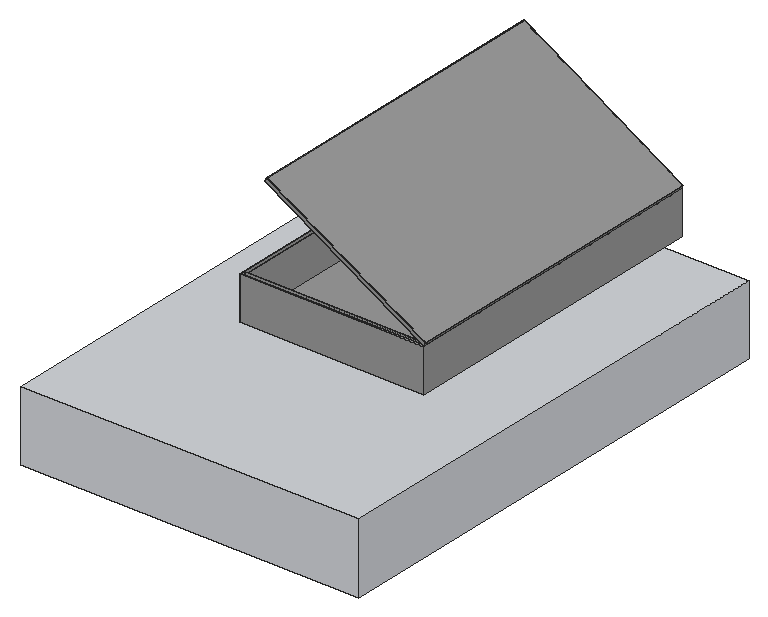
Revit family "Hager-Univers-IP44-D205-H1400-Cl.I-Encl-AT-de", category Equipement électrique, Revit 2020
Family settings
  Hôte = Face
  Configuration du panneau = Deux colonnes, circuits au sein
  Cote de connecteur circulaire = Utiliser le diamètre
  Type d'élément = Tableau de raccordement
  Couper avec des vides une fois chargée = Non
  Partagée = Non
  Point de calcul de pièce = Non
Parameters (values of type "Aufputz IP44 B800 H1400 T205  - FP93TN2")
  Width Control [instance] = if([EF000008 - Breite] > Min Width, [EF000008 - Breite], Min Width)  # 800 mm
  Commentaires du type = [HG000003 - Bereich]  # "Univers"
  Thickness Door [instance] = if([EF009171 - Materialstärke Tür/Deckel] > 3 mm, 3 mm, [EF009171 - Materialstärke Tür/Deckel])  # 1 mm
  Seal Frame Offset [instance] = 17 mm  # constant formula
  Plinth Visibility [instance] = [HG000027 - Sockelhöhe] > 0 mm  # no
  Model = ""
  Min Width [instance] = 100 mm  # constant formula
  Min Height [instance] = 100 mm  # constant formula
  Min Depth [instance] = (2 * [EF009170 - Materialstärke Gehäuse]) + 1 mm  # 3 mm
  Internal Frame Depth [instance] = (Door System Depth * 0.5)  # 9 mm
  Height Control [instance] = if([EF000040 - Höhe] > Min Height, [EF000040 - Höhe], Min Height)  # 1400 mm
  HG000027 - Sockelhöhe = 0 mm
  HG000026 - Stehend auf dem Boden = no
  HG000024 - Höhe des unteren Teils = 800 mm
  HG000023 - Gehäuse mit doppeltem Querschnitt = no
  HG000016 - 3D-Türsichtbarkeit [instance] = yes
  HG000015 - Sichtbarkeit der Türöffnung [instance] = no
  HG000014 - Tür rechts [instance] = yes
  HG000013 - Tür links [instance] = not([HG000014 - Tür rechts])  # no
  HG000012 - Türschwenkwinkel [instance] = 30.00°
  HG000010 - Asymmetrische Türen = no
  HG000009 - Doppelflügeligen Tür = no
  HG000006 - Unterputz = no
  HG000004 - Herstellerreferenz = "FP93TN2"
  HG000003 - Bereich = "Univers"
  HG000002 - Mit tür = yes
  Frame Offset Bottom [instance] = 10 mm  # constant formula
  Frame Offset [instance] = 15 mm  # constant formula
  EF015940 - Deckel mit Überdruckentlastung = no
  EF011959 - Schutzart (NEMA) = ""
  EF009554 - Anzahl der Öffnungen für Flanschplatten = 6
  Fabricant = "Hager"  # constant formula
  EF009212 - Ausführung Deckel = "EV000116 - geschlossen"
  EF009171 - Materialstärke Tür/Deckel = 1 mm
  EF009170 - Materialstärke Gehäuse = 1 mm
  EF008873 - Nennstrom (In) = 250 A
  EF007800 - Geeignet für Blitzschutz = no
  EF006306 - Mit Schloss = no
  EF006244 - Transparenter Deckel/Tür = no
  EF005474 - Schutzart (IP) = "EV006418 - IP44"
  EF004464 - Art der Tür = "EV002646 - Einzel"
  EF004427 - Anzahl der Module = 324
  EF004293 - Schlagfestigkeit = "EV006815 - IK09"
  EF003532 - Geeignet für Außengebrauch = no
  EF002950 - Breite in Teilungseinheiten = 36
  EF001613 - Funktionserhalt = "EV000494 - ohne"
  EF001596 - Werkstoff des Gehäuses = "EV000179 - Stahl"
  EF001131 - Innentiefe = 130 mm
  EF001088 - Anbaumöglichkeit = yes
  EF000437 - Anzahl der Leitungseinführungen = 6
  EF000339 - Art der Abdeckung = "EV001012 - Deckel"
  EF000266 - Anzahl der Reihen = 9
  EF000218 - Einbautiefe = 205 mm
  EF000118 - Mit Montageplatte = no
  EF000116 - RAL-Nummer = "9010"
  EF000049 - Tiefe = 205 mm
  EF000040 - Höhe = 1400 mm
  EF000008 - Breite = 800 mm
  EF000007 - Farbe = "EV000202 - weiß"
  EF000003 - Montageart = "EV000384 - Aufputz"
  Door System Leaf Tolerance [instance] = 1.5 mm  # constant formula
  Door System Depth [instance] = 18 mm  # constant formula
  Door Height [instance] = Height Control - [HG000027 - Sockelhöhe]  # 1400 mm
  Depth Control [instance] = if([EF000049 - Tiefe] > Min Depth, [EF000049 - Tiefe], Min Depth)  # 205 mm
  Default Elevation = 0 mm
  Connector Offset [instance] = Height Control / 2  # 700 mm
  Bottom Top Plate Trim [instance] = 1.5 mm  # constant formula
  Plinth height Ctrl [instance] = if([HG000027 - Sockelhöhe] > 0 mm, [HG000027 - Sockelhöhe], 12 mm)  # 12 mm
Types (4, lengths in mm): name | Width Control | HG000010 - Asymmetrische Türen | HG000009 - Doppelflügeligen Tür | HG000004 - Herstellerreferenz | EF009554 - Anzahl der Öffnungen für Flanschplatten | EF004464 - Art der Tür | EF004427 - Anzahl der Module | EF002950 - Breite in Teilungseinheiten | EF000437 - Anzahl der Leitungseinführungen | EF000008 - Breite
  Aufputz IP44 B1050 H1400 T205  - FP94TN2 | 1050 | no | yes | "FP94TN2" | 8 | "EV003602 - Doppel" | 432 | 48 | 8 | 1050
  Aufputz IP44 B1300 H1400 T205  - FP95TN2 | 1300 | yes | yes | "FP95TN2" | 10 | "EV003602 - Doppel" | 540 | 60 | 10 | 1300
  Aufputz IP44 B550 H1400 T205  - FP92TN2 | 550 | no | no | "FP92TN2" | 4 | "EV002646 - Einzel" | 216 | 24 | 4 | 550
  Aufputz IP44 B800 H1400 T205  - FP93TN2 | 800 | no | no | "FP93TN2" | 6 | "EV002646 - Einzel" | 324 | 36 | 6 | 800
Reference planes
  plane 1 "Center (Front/Back)": y = 0
  plane 2: z = 0
  plane 3 "Center (Left/Right)": x = 0
  plane 4: z = 205
  plane 5: y = 1
  plane 6: y = 700
  plane 7: y = 0
  plane 8: y = 1400
  plane 9: z = 0
  plane 10: x = -385
  plane 11: x = 385
  plane 12: x = 384
  plane 13: x = -384
  plane 14: y = 1399
  plane 15: x = -383
  plane 16: x = -400
  plane 17: x = 383
  plane 18: x = 400
  plane 19: x = 399
  plane 20: x = -399
  plane 21: y = 11
  plane 22: y = 1400
  plane 23: y = 1384
  plane 24: z = 187
  plane 25: z = 1
  plane 26: z = 186
  plane 27: z = 204
Forms (mm)
  Extrusion 1, solid
    sketch origin (0, 0, 0) x (1, 0, 0) y (0, 1, 0)
      loop
        line (-702.964, 1305) -> (-702.964, -811.445) -> (766.763, -811.445) -> (766.763, 1305) -> (-702.964, 1305)
    from 0 to -304.8
  Extrusion 2, solid, material "Hager_Steel_RAL7035_Light_Grey", visible <- "Plinth Visibility", detail levels medium+fine
    sketch origin (0, 0, 0) x (1, 0, 0) y (0, 1, 0)
      loop
        line (-400, 0) -> (400, 0) -> (400, 12) -> (-400, 12) -> (-400, 0)
    from 0 to 187
  Extrusion 3, solid, material "Hager_Steel_RAL7035_Light_Grey", detail levels medium+fine
    sketch origin (0, 0, 0) x (1, 0, 0) y (0, 1, 0)
      loop
        line (-400, 0) -> (400, 0) -> (400, 1400) -> (-400, 1400) -> (-400, 0)
    from 0 to 187
  Extrusion 4, void
    sketch origin (0, 0, 0) x (1, 0, 0) y (0, 1, 0)
      loop
        line (-399, 1) -> (399, 1) -> (399, 1399) -> (-399, 1399) -> (-399, 1)
    from 1 to 186
  Extrusion 5, void
    sketch origin (-381.607, -4572, 187) x (0, -1, 0) y (-1, 0, 0)
      loop
        line (-4583, 2.393) -> (-5956, 2.393) -> (-5956, -765.607) -> (-4583, -765.607) -> (-4583, 2.393)
    from 0 to 1 <- "EF009170 - Materialstärke Gehäuse"
  Extrusion 6, solid, material "Hager_Steel_RAL7035_Light_Grey", detail levels fine
    sketch origin (0, 0, 187) x (1, 0, 0) y (0, 1, 0)
      loop
        line (-384, 1384) -> (-384, 11) -> (384, 11) -> (384, 1384) -> (-384, 1384)
      loop
        line (-385, 10) -> (385, 10) -> (385, 1385) -> (-385, 1385) -> (-385, 10)
    from 0 to 9 <- "Internal Frame Depth"
  Extrusion 7, solid, material "Hager_Steel_RAL7035_Light_Grey", detail levels coarse
    sketch origin (0, 0, 0) x (1, 0, 0) y (0, 1, 0)
      loop
        line (-400, 0) -> (400, 0) -> (400, 1400) -> (-400, 1400) -> (-400, 0)
    from 0 to 205
  Sweep 8, void
    path in 3D
      loop
        line (-400, 12, 0) -> (400, 12, 0) -> (400, 12, 187) -> (-400, 12, 187) -> (-400, 12, 0)
    profile origin (-400, 12, 93.5) x (-1, 0, 0) y (0, -1, 0)
      loop
        line (0, 0) -> (0, 1.5) -> (-1.5, 1.5)
        arc (-1.5, 1.5) -> (-1.061, 0.439) -> (0, 0) r 1.5
Cuts and joins
  Extrusion 4, Extrusion 5 cuts Extrusion 3
  Sweep 8 cuts Extrusion 2
Lines and regions (mm)
  Masking region 1
    outline origin (0, 0, 0) x (1, 0, 0) y (0, 0, 1)
      loop
        line (-400, 205) -> (-400, 0) -> (400, 0) -> (400, 205) -> (-400, 205)
  Masking region 2, detail levels medium+fine
    outline origin (0, 140, 0) x (0, 1, 0) y (0, 0, 1)
      loop
        line (-140, 0) -> (1260, 0) -> (1260, 187) -> (-140, 187) -> (-140, 0)
  Masking region 3, not visible, detail levels medium+fine
    outline origin (0, 297.922, 0) x (0, 1, 0) y (0, 0, 1)
      loop
        line (413.578, 0) -> (453.578, 0) -> (453.578, 194)
        arc (453.578, 194) -> (450.649, 201.071) -> (443.578, 204) r 10
        line (443.578, 204) -> (413.578, 204) -> (413.578, 0)
  Masking region 4, detail levels coarse
    outline origin (0, 0, 180) x (0, 1, 0) y (0, 0, 1)
      loop
        line (0, -180) -> (1400, -180) -> (1400, 25) -> (0, 25) -> (0, -180)
  Masking region 5, visible <- "Plinth Visibility", detail levels medium+fine
    outline origin (0, 52.24, 12.345) x (0, 0, -1) y (0, 1, 0)
      loop
        line (10.845, -40.24) -> (-173.155, -40.24)
        arc (-173.155, -40.24) -> (-173.594, -41.301) -> (-174.655, -41.74) r 1.5
        line (-174.655, -41.74) -> (-174.655, -52.24) -> (12.345, -52.24) -> (12.345, -41.74)
        arc (12.345, -41.74) -> (11.285, -41.301) -> (10.845, -40.24) r 1.5
  Masking region 6, detail levels medium+fine
    outline origin (-381.607, -4572, 187) x (-1, 0, 0) y (0, -1, 0)
      loop
        line (18.393, -5972) -> (18.393, -4572) -> (-781.607, -4572) -> (-781.607, -5972) -> (18.393, -5972)
  Masking region 7, visible <- "Plinth Visibility", detail levels medium+fine
    outline origin (-381.607, -4727, 187) x (-1, 0, 0) y (0, -1, 0)
      loop
        arc (16.893, -4739) -> (17.332, -4737.939) -> (18.393, -4737.5) r 1.5
        line (18.393, -4737.5) -> (18.393, -4727) -> (-781.607, -4727) -> (-781.607, -4737.5)
        arc (-781.607, -4737.5) -> (-780.546, -4737.939) -> (-780.107, -4739) r 1.5
        line (-780.107, -4739) -> (16.893, -4739)
  Masking region 8, detail levels coarse
    outline origin (-442.548, -4669.526, 187) x (-1, 0, 0) y (0, -1, 0)
      loop
        line (-42.548, -6069.526) -> (-42.548, -4669.526) -> (-842.548, -4669.526) -> (-842.548, -6069.526) -> (-42.548, -6069.526)
  sketch lines
    curve 1: line (-400, 12, 187) -> (-400, 12, 0)
    curve 2: line (400, 12, 187) -> (-400, 12, 187)
    curve 3: line (400, 12, 187) -> (400, 12, 0)
    curve 4: line (-400, 12, 0) -> (400, 12, 0)
Dimensions and locks
  "Depth Control": plane 4 to Extrusion 1
  "HG000027 - Sockelhöhe": plane 1 "Center (Front/Back)" to plane 7
  "EF009170 - Materialstärke Gehäuse": plane 5 to plane 7
  locked: connector elem to plane 3 "Center (Left/Right)"
  equal spacing: plane 8, plane 6, plane 7
  locked: connector elem to plane 6
  "EF009170 - Materialstärke Gehäuse": plane 8 to plane 14
  "EF009170 - Materialstärke Gehäuse": plane 10 to plane 13
  "EF009170 - Materialstärke Gehäuse": plane 12 to plane 11
  "Frame Offset": plane 20 to plane 13
  "Frame Offset": plane 12 to plane 19
  "EF009170 - Materialstärke Gehäuse": plane 16 to plane 20
  "EF009170 - Materialstärke Gehäuse": plane 19 to plane 18
  "Seal Frame Offset": plane 16 to plane 15
  "Seal Frame Offset": plane 17 to plane 18
  "Frame Offset Bottom": plane 21 to plane 5
  "Frame Offset": plane 14 to plane 23
  equal spacing: plane 16, plane 3 "Center (Left/Right)", plane 18
  "Width Control": plane 16 to plane 18
  "EF009170 - Materialstärke Gehäuse": plane 4 to plane 27
  "EF009170 - Materialstärke Gehäuse": plane 24 to plane 26
  "EF009170 - Materialstärke Gehäuse": plane 25 to level
  "Door System Depth": plane 4 to plane 24
  "Height Control": plane 1 "Center (Front/Back)" to Extrusion 7 sketch curve
  "Height Control": Masking region 4 sketch curve to plane 1 "Center (Front/Back)"
  "Height Control": plane 1 "Center (Front/Back)" to plane 22
  "Bottom Top Plate Trim": profile plane to Sweep 8 sketch curve
  "Bottom Top Plate Trim": Sweep 8 sketch curve to profile plane
  "Plinth height Ctrl": plane 1 "Center (Front/Back)" to Extrusion 2 sketch curve
  "Plinth height Ctrl": Masking region 5 sketch curve to plane 1 "Center (Front/Back)"
  "Plinth height Ctrl": plane 1 "Center (Front/Back)" to Masking region 7 sketch curve
  "Thickness Door": Extrusion 6 sketch curve to Extrusion 6 sketch curve  (x3)
  "Thickness Door": cut or joined group of Extrusion 3, Extrusion 4, Extrusion 5 to Extrusion 6 sketch curve
  radius of Masking region 3 sketch curve = 10 mm
  "Bottom Top Plate Trim": radius of Masking region 5 sketch curve  (x2)
  "Bottom Top Plate Trim": radius of Sweep 8 sketch curve
  "Bottom Top Plate Trim": radius of Masking region 7 sketch curve  (x2)
  aligned and locked: plane 2 to Extrusion 1
  aligned and locked: level to Extrusion 1
  aligned and locked: level to Masking region 1 sketch curve
  aligned and locked: Masking region 1 sketch curve to plane 18
  aligned and locked: Masking region 1 sketch curve to plane 16
  aligned and locked: plane 7 to Masking region 2 sketch curve
  aligned and locked: level to Masking region 3 sketch curve
  aligned and locked: Masking region 3 sketch curve to plane 27
  aligned and locked: level to Masking region 2 sketch curve
  aligned and locked: plane 1 "Center (Front/Back)" to Extrusion 2 sketch curve
  aligned and locked: Extrusion 3 sketch curve to plane 7
  aligned and locked: plane 16 to Extrusion 3 sketch curve
  aligned and locked: plane 18 to Extrusion 3 sketch curve
  aligned and locked: plane 20 to Extrusion 4 sketch curve
  aligned and locked: plane 19 to Extrusion 4 sketch curve
  aligned and locked: Extrusion 4 sketch curve to plane 5
  aligned and locked: Extrusion 4 to plane 25
  aligned and locked: plane 26 to Extrusion 4
  aligned and locked: plane 24 to Extrusion 3
  aligned and locked: Extrusion 5 sketch curve to plane 21
  aligned and locked: Extrusion 5 sketch curve to plane 13
  aligned and locked: Extrusion 5 sketch curve to plane 12
  aligned and locked: plane 18 to Extrusion 7 sketch curve
  aligned and locked: plane 1 "Center (Front/Back)" to Extrusion 7 sketch curve
  aligned and locked: plane 16 to Extrusion 7 sketch curve
  aligned and locked: plane 4 to Extrusion 7
  aligned and locked: Extrusion 7 to level
  aligned and locked: level to Masking region 4 sketch curve
  aligned and locked: Masking region 4 sketch curve to plane 1 "Center (Front/Back)"
  aligned and locked: Masking region 4 sketch curve to plane 4
  aligned and locked: nested 1 to level
  aligned and locked: nested 1 to plane 16
  aligned and locked: plane 8 to Extrusion 3 sketch curve
  aligned and locked: plane 23 to Extrusion 5 sketch curve
  aligned and locked: plane 14 to Extrusion 4 sketch curve
  aligned and locked: Masking region 2 sketch curve to plane 8
  aligned and locked: level to Masking region 5 sketch curve
  aligned and locked: plane 16 to Extrusion 2 sketch curve
  aligned and locked: plane 18 to Extrusion 2 sketch curve
  aligned and locked: Masking region 5 sketch curve to plane 24
  aligned and locked: Masking region 2 sketch curve to plane 24
  aligned and locked: plane 24 to Extrusion 2
  aligned and locked: profile plane to Sweep 8 sketch curve  (x2)
  aligned and locked: Masking region 6 sketch curve to plane 18
  aligned and locked: Masking region 6 sketch curve to plane 22
  aligned and locked: Masking region 6 sketch curve to plane 16
  aligned and locked: plane 8 to plane 22
  aligned and locked: Masking region 6 sketch curve to plane 7
  aligned and locked: Masking region 7 sketch curve to plane 16
  aligned and locked: Masking region 7 sketch curve to plane 1 "Center (Front/Back)"
  aligned and locked: Masking region 7 sketch curve to plane 18
  aligned and locked: Masking region 8 sketch curve to plane 1 "Center (Front/Back)"
  aligned and locked: Masking region 8 sketch curve to plane 18
  aligned and locked: Masking region 8 sketch curve to plane 22
  aligned and locked: Masking region 8 sketch curve to plane 16
  aligned and locked: nested 2 to plane 7
  aligned and locked: plane 3 "Center (Left/Right)" to nested 2
  aligned and locked: nested 2 to plane 24
  aligned and locked: Extrusion 6 sketch curve to cut or joined group of Extrusion 3, Extrusion 4, Extrusion 5  (x4)
Automatic sketch dimensions
  Extrusion 1 sketch curve to Extrusion 1 sketch curve = 1469.727 mm
  Extrusion 1 sketch curve to Extrusion 1 sketch curve = 2116.445 mm
  Masking region 1 sketch curve to plane 4 = 0 mm
  plane 6 to Masking region 3 sketch curve = 11.5 mm
  Masking region 3 sketch curve to Masking region 3 sketch curve = 30 mm
  Masking region 5 sketch curve to plane 1 "Center (Front/Back)" = 0 mm
Nested families
  nested 1: "Hager_Enclosure_Symbol" at (-400, 0, 0) x (1, 0, 0) z (0, -1, 0), Height <- "Depth Control", Width <- "Width Control", type "Hager_Enclosure_Symbol"
    with Width_Ctrl 800 mm, Width 800 mm, Height_Ctrl 205 mm, Height 205 mm, A_Width_Int 13.453 mm, A_Width 161.438 mm, A_Height_Ctrl 179.375 mm, A_Height 179.375 mm
  nested 2: "EC000058_Univers_Door" at (0, 0, 187) x (1, 0, 0) z (0, 1, 0), Leaf_Tolerance <- "Door System Leaf Tolerance", Angle <- "HG000012 - Türschwenkwinkel", Door_Depth <- "Door System Depth", Door_Left <- "HG000013 - Tür links", Transparent <- "EF006244 - Transparenter Deckel/Tür", Assymetrical <- "HG000010 - Asymmetrische Türen", Width <- "Width Control", Clearance <- "HG000015 - Sichtbarkeit der Türöffnung", Double <- "HG000009 - Doppelflügeligen Tür", 3d_Door <- "HG000016 - 3D-Türsichtbarkeit", Lock_Visibility <- "EF006306 - Mit Schloss", Width_Ctrl <- "Width Control", Door_Right <- "HG000014 - Tür rechts", Door <- "HG000002 - Mit tür", Height <- "Door Height", Thickness <- "Thickness Door", type "EC000058_Univers_Door", detail levels medium+fine
    with min_wh 3 mm, Width_Ctrl 800 mm, Width 800 mm, Transparent no, Thickness 1 mm, Seal_Material Hager_Rubber, Lock_Visibility no, Lock_Material Hager_Plastic_RAL9005_Jet_Black, Leaf_Width 800 mm, Leaf_Tolerance_External_Sides 0 mm, Leaf_Tolerance 1.5 mm, Leaf_Offset 0 mm, Leaf_Height 1397 mm, Leaf_2_Width 800 mm, Leaf_2_Offset 400 mm, Leaf_1_Width 800 mm, Leaf_1_Offset 400 mm, Height_Ctrl 1400 mm, Height 1400 mm, Glass_Material Hager_Glass, Double_Clearance_Ctrl no, Double no, Door_Right_Ctrl yes, Door_Right yes, Door_Material Hager_Steel_RAL7035_Light_Grey, Door_Left_Ctrl no, Door_Left no, Door_Depth 18 mm, Door yes, Clearance_Material Hager_Clearance, Clearance_Depth 800 mm, Clearance_Ctrl no, Clearance no, Assymetrical no, Angle 30.00°, 3d_Door yes
Connectors
  electrical at (0, 700, 0)
    settings: on plane 9, index 1, voltage 0 V, apparent load 0 VA, apparent load phase1 0 VA, apparent load phase2 0 VA, apparent load phase3 0 VA, power factor 1, load classification "Other", number of poles 1, system type 30, power factor state 1, is connector primary yes, connector utility no, sub classification motor no, connector description ""
Definition of nested family "EC000058_Univers_Door"
  Parameters (values of type "EC000058_Univers_Door")
    min_wh [instance] = (2 * Thickness) + 1 mm  # 11 mm
    Width_Ctrl [instance] = 400 mm
    Width [instance] = 500 mm
    Transparent [instance] = yes
    Thickness [instance] = 5 mm
    Seal_Material [instance] = none
    Lock_Visibility [instance] = yes
    Lock_Material [instance] = none
    Leaf_Width [instance] = if((Width_Ctrl - 2 * Leaf_Tolerance_External_Sides) > 0 mm, (Width_Ctrl - 2 * Leaf_Tolerance_External_Sides), min_wh)  # 400 mm
    Leaf_Tolerance_External_Sides [instance] = 0 mm  # constant formula
    Leaf_Tolerance [instance] = 1.5 mm
    Leaf_Offset [instance] = 0 mm  # constant formula
    Leaf_Height [instance] = if((Height_Ctrl - 2 * Leaf_Tolerance) > 0 mm, (Height_Ctrl - 2 * Leaf_Tolerance), min_wh)  # 497 mm
    Leaf_2_Width [instance] = if(and(and(Double, Assymetrical), Door_Left), (Leaf_Width / 3) - (Leaf_Tolerance / 2), if(and(and(Double, Assymetrical), Door_Right), (Leaf_Width / 3) * 2 - (Leaf_Tolerance / 2), if(and(Double, not(Assymetrical)), (Leaf_Width / 2) - Leaf_Tolerance, Leaf_Width)))  # 400 mm
    Leaf_2_Offset [instance] = if(and(Double, Assymetrical), Leaf_2_Width / 2, if(and(Double, not(Assymetrical)), Leaf_Width / 4, Leaf_Width / 2))  # 200 mm
    Leaf_1_Width [instance] = if(and(and(Double, Assymetrical), Door_Right), (Leaf_Width / 3) - (Leaf_Tolerance / 2), if(and(and(Double, Assymetrical), Door_Left), (Width / 3) * 2 - (Leaf_Tolerance / 2), if(and(Double, not(Assymetrical)), (Leaf_Width / 2) - Leaf_Tolerance, Leaf_Width)))  # 400 mm
    Leaf_1_Offset [instance] = if(and(Double, Assymetrical), Leaf_1_Width / 2, if(and(Double, not(Assymetrical)), Leaf_Width / 4, Leaf_Width / 2))  # 200 mm
    Height_Ctrl [instance] = if(Height > min_wh, Height, min_wh)  # 500 mm
    Height [instance] = 500 mm
    Glass_Material [instance] = none
    Double_Clearance_Ctrl [instance] = and(Double, Clearance)  # no
    Double [instance] = no
    Door_Right_Ctrl [instance] = and(or(Door_Right, Double), Door)  # yes
    Door_Right [instance] = yes
    Door_Material [instance] = none
    Door_Left_Ctrl [instance] = and(or(Door_Left, Double), Door)  # no
    Door_Left [instance] = no
    Door_Depth [instance] = 30 mm
    Door [instance] = yes
    Default Elevation = 1219.2 mm
    Clearance_Material [instance] = none
    Clearance_Depth [instance] = if(Leaf_1_Width > Leaf_2_Width, Leaf_1_Width, Leaf_2_Width)  # 400 mm
    Clearance_Ctrl [instance] = and(not(Double), Clearance)  # yes
    Clearance [instance] = yes
    Assymetrical [instance] = yes
    Angle [instance] = 30.00°
    3d_Door [instance] = yes
  Reference planes
    plane 1 "Center (Front/Back)": y = 0
    plane 2 "Bottom": z = 0
    plane 3 "Center (Left/Right)": x = 0
    plane 4: z = 500
    plane 5: x = -200
    plane 6: x = 200
    plane 7: z = 500
    plane 8: x = -200
    plane 9: z = 0
    plane 10: x = 200
    plane 11: y = 0
    plane 12: z = 1.5
    plane 13: x = -600
    plane 14: y = -400
    plane 15: x = 600
    plane 16: x = 0
    plane 17: x = 0
    plane 18: x = -200
    plane 19: x = 200
    plane 20: z = 498.5
  Forms (mm)
    Extrusion 1, solid, material <- "Clearance_Material", visible <- "Double_Clearance_Ctrl"
      sketch origin (1200, 0, 0) x (1, 0, 0) y (0, 0, -1)
        loop
          line (-1800, -498.5) -> (-600, -498.5) -> (-600, 0) -> (-1800, 0) -> (-1800, -498.5)
      from 0 to -400
  Dimensions and locks
    equal spacing: plane 5, plane 3 "Center (Left/Right)", plane 6
    "Width_Ctrl": plane 5 to plane 6
    "Leaf_Offset": plane 5 to plane 8
    "Leaf_Offset": plane 6 to plane 10
    "Leaf_Offset": plane 9 to level
    "Leaf_Offset": plane 4 to plane 7
    "Height_Ctrl": plane 4 to level
    "Leaf_Tolerance": plane 12 to plane 9
    locked: plane 11 to plane 1 "Center (Front/Back)"
    "Leaf_1_Offset": plane 18 to plane 16
    "Leaf_2_Offset": plane 17 to plane 19
    "Leaf_1_Width": plane 13 to plane 8
    "Leaf_2_Width": plane 10 to plane 15
    "Clearance_Depth": plane 14 to plane 1 "Center (Front/Back)"
    "Leaf_Tolerance_External_Sides": plane 8 to plane 18
    "Leaf_Tolerance_External_Sides": plane 19 to plane 10
    "Leaf_Tolerance": plane 7 to plane 20
    aligned and locked: level to plane 2 "Bottom"
    aligned and locked: nested 1 to plane 16
    aligned and locked: nested 2 to plane 17
    aligned and locked: Extrusion 1 to plane 13
    aligned and locked: plane 15 to Extrusion 1
    aligned and locked: Extrusion 1 to plane 14
    aligned and locked: plane 12 to nested 1
    aligned and locked: nested 2 to plane 12
    aligned and locked: Extrusion 1 to plane 11
    aligned and locked: plane 20 to Extrusion 1
    aligned and locked: nested 2 to plane 11
    aligned and locked: nested 1 to plane 11
  Automatic sketch dimensions
    Extrusion 1 sketch curve to level = 0 mm
    plane 5 to Extrusion 1 sketch curve = 400 mm
    plane 6 to Extrusion 1 sketch curve = 400 mm
    Extrusion 1 sketch curve to plane 4 = 1.5 mm
  Nested families
    nested 1: "EC000058_Univers_Door_Leaf" at (0, 0, 1.5), Width <- "Leaf_1_Width", visible <- "Door_Left_Ctrl", Leaf_Height <- "Leaf_Height", Angle <- "Angle", 3d_Door <- "3d_Door", Transparent <- "Transparent", Clearance Material <- "Clearance_Material", Clearance <- "Clearance_Ctrl", Door_Material <- "Door_Material", Glass_Material <- "Glass_Material", Door_Depth <- "Door_Depth", Lock_Material <- "Lock_Material", Seal_Material <- "Seal_Material", Lock_Visibility <- "Lock_Visibility", Thickness <- "Thickness", type "EC000058_Univers_Door_Leaf"
      with Width 400 mm, Transparent_Glass_Offset 30 mm, Transparent_Ctrl yes, Transparent yes, Thickness 5 mm, Standard no, Seal_Material none, Seal_D2 8 mm, Seal_D1 1 mm, Offset_Internal_Frame 10 mm, Lock_Width 20 mm, Lock_Visibility_3d yes, Lock_Visibility yes, Lock_Thickness_3 3 mm, Lock_Thickness_2 1 mm, Lock_Thickness_1 3 mm, Lock_Radius_Offset_2 16 mm, Lock_Radius_Offset_1 15 mm, Lock_Radius_2 5 mm, Lock_Radius 6 mm, Lock_Offset 5 mm, Lock_Material none, Lock_Height 80 mm, Lock_Cover_Top_Offset_2d 17 mm, Lock_Cover_Height -65 mm, Leaf_Height 497 mm, Internal_Seal_Thickness 8 mm, Internal_Seal_Depth_2 4.5 mm, Internal_Frame_Depth 25 mm, Glass_Thickness -1 mm, Glass_Offset -2 mm, Glass_Material none, Door_Material none, Door_Depth 30 mm, Clearance Material none, Clearance yes, Angle_Ctrl 30.00°, Angle 30.00°, 3d_Door yes
    nested 2: "EC000058_Univers_Door_Leaf" at (0, 0, 1.5) x (-1, 0, 0) z (0, 0, 1), Width <- "Leaf_2_Width", visible <- "Door_Right_Ctrl", Leaf_Height <- "Leaf_Height", Angle <- "Angle", 3d_Door <- "3d_Door", Transparent <- "Transparent", Clearance Material <- "Clearance_Material", Clearance <- "Clearance_Ctrl", Door_Material <- "Door_Material", Glass_Material <- "Glass_Material", Door_Depth <- "Door_Depth", Lock_Material <- "Lock_Material", Seal_Material <- "Seal_Material", Lock_Visibility <- "Lock_Visibility", Thickness <- "Thickness", type "EC000058_Univers_Door_Leaf"
      with Width 400 mm, Transparent_Glass_Offset 30 mm, Transparent_Ctrl yes, Transparent yes, Thickness 5 mm, Standard no, Seal_Material none, Seal_D2 8 mm, Seal_D1 1 mm, Offset_Internal_Frame 10 mm, Lock_Width 20 mm, Lock_Visibility_3d yes, Lock_Visibility yes, Lock_Thickness_3 3 mm, Lock_Thickness_2 1 mm, Lock_Thickness_1 3 mm, Lock_Radius_Offset_2 16 mm, Lock_Radius_Offset_1 15 mm, Lock_Radius_2 5 mm, Lock_Radius 6 mm, Lock_Offset 5 mm, Lock_Material none, Lock_Height 80 mm, Lock_Cover_Top_Offset_2d 17 mm, Lock_Cover_Height -65 mm, Leaf_Height 497 mm, Internal_Seal_Thickness 8 mm, Internal_Seal_Depth_2 4.5 mm, Internal_Frame_Depth 25 mm, Glass_Thickness -1 mm, Glass_Offset -2 mm, Glass_Material none, Door_Material none, Door_Depth 30 mm, Clearance Material none, Clearance yes, Angle_Ctrl 30.00°, Angle 30.00°, 3d_Door yes
  Definition of nested family "EC000058_Univers_Door_Leaf"
    Parameters (values of type "EC000058_Univers_Door_Leaf")
      Width [instance] = 2000 mm
      Transparent_Glass_Offset [instance] = 30 mm
      Transparent_Ctrl [instance] = and(Transparent, [3d_Door])  # yes
      Transparent [instance] = yes
      Thickness [instance] = 5 mm
      Standard [instance] = and(not(Transparent), [3d_Door])  # no
      Seal_Material [instance] = none
      Seal_D2 [instance] = 8 mm  # constant formula
      Seal_D1 [instance] = 1 mm  # constant formula
      Offset_Internal_Frame [instance] = 10 mm  # constant formula
      Lock_Width [instance] = 20 mm  # constant formula
      Lock_Visibility_3d [instance] = and(Lock_Visibility, [3d_Door])  # yes
      Lock_Visibility [instance] = yes
      Lock_Thickness_3 [instance] = 3 mm  # constant formula
      Lock_Thickness_2 [instance] = 1 mm  # constant formula
      Lock_Thickness_1 [instance] = 3 mm  # constant formula
      Lock_Radius_Offset_2 [instance] = Lock_Radius_Offset_1 + 1 mm  # 16 mm
      Lock_Radius_Offset_1 [instance] = 15 mm  # constant formula
      Lock_Radius_2 [instance] = Lock_Radius - 1 mm  # 5 mm
      Lock_Radius [instance] = 6 mm  # constant formula
      Lock_Offset [instance] = 5 mm  # constant formula
      Lock_Material [instance] = none
      Lock_Height [instance] = 80 mm  # constant formula
      Lock_Cover_Top_Offset_2d [instance] = Lock_Radius_Offset_2 + 1 mm  # 17 mm
      Lock_Cover_Height [instance] = -(Lock_Height - Lock_Radius_Offset_1)  # -65 mm
      Leaf_Height [instance] = 2720.336 mm
      Internal_Seal_Thickness [instance] = 8 mm  # constant formula
      Internal_Seal_Depth_2 [instance] = 4.5 mm  # constant formula
      Internal_Frame_Depth [instance] = if(Door_Depth - Thickness > 5 mm, Door_Depth - Thickness, 5 mm)  # 25 mm
      Glass_Thickness [instance] = if(Thickness > 15 mm, Glass_Offset + 10 mm, -1 mm)  # -1 mm
      Glass_Offset [instance] = if(Thickness > 15 mm, -(Thickness + 10 mm) / 2, -2 mm)  # -2 mm
      Glass_Material [instance] = none
      Door_Material [instance] = none
      Door_Depth [instance] = 30 mm
      Default Elevation = 0 mm
      Clearance Material [instance] = none
      Clearance [instance] = yes
      Angle_Ctrl [instance] = if(Angle > 180.00°, 180.00°, Angle)  # 90.00°
      Angle [instance] = 90.00°
      3d_Door [instance] = yes
    Reference planes
      plane 1 "Center (Front/Back)": y = 0
      plane 2: z = 0
      plane 3 "Center (Left/Right)": x = 0
      plane 4: y = 2000
      plane 5: x = -1000
      plane 6: x = 1000
      plane 7: x = -3000
      plane 8: z = 2720.336
      plane 9: z = 30
      plane 10: z = 2690.336
      plane 11: x = 970
      plane 12: x = -970
      plane 13: y = -3
      plane 14: z = 107.833
      plane 15: y = -5
      plane 16: y = -223.314
      plane 17: x = -1000
      plane 18: z = 1360.168
      plane 19: y = 30
    Forms (mm)
      Extrusion 1, solid, material <- "Clearance Material", visible <- "Clearance"
        sketch origin (0, 0, 0) x (1, 0, 0) y (0, 0, 1)
          loop
            line (-3000, 2720.336) -> (-3000, 0) -> (1000, 0) -> (1000, 2720.336) -> (-3000, 2720.336)
        from 0 to -2000
      Extrusion 2, solid, material <- "Door_Material", visible <- "Standard", detail levels medium+fine
        sketch origin (-1000, 0, 0) x (0, 1, 0) y (-1, 0, 0)
          loop
            line (0, 30) -> (0, 25) -> (2000, 25) -> (2000, 30) -> (0, 30)
        from 0 to 2720.336 <- "Leaf_Height"
      Extrusion 3, solid, material <- "Door_Material", visible <- "Transparent_Ctrl", detail levels medium+fine
        sketch origin (-1000, 0, 0) x (0, 1, 0) y (-1, 0, 0)
          loop
            line (0, 25) -> (2000, 25) -> (2000, 30) -> (0, 30) -> (0, 25)
        from 0 to 2720.336 <- "Leaf_Height"
      Extrusion 4, void
        sketch origin (-1025, 2000, 0) x (0, 1, 0) y (0, 0, -1)
          loop
            line (-30, -2690.336) -> (-30, -30) -> (-1970, -30) -> (-1970, -2690.336) -> (-30, -2690.336)
        from 0 to 5 <- "Thickness"
      Sweep 5, solid, material <- "Seal_Material", visible <- "Transparent_Ctrl", detail levels fine
        path in 3D
          loop
            line (-1025, 30, 30) -> (-1025, 30, 2690.336) -> (-1025, 1970, 2690.336) -> (-1025, 1970, 30) -> (-1025, 30, 30)
        profile origin (-1025, 1000, 30) x (1, 0, 0) y (0, 0, 1)
          loop
            line (0, 0) -> (0, -8) -> (1, -8) -> (1, 0) -> (0, 0)
      Extrusion 6, solid, material <- "Glass_Material", visible <- "Transparent_Ctrl", detail levels medium+fine
        sketch origin (-1030, 0, 0) x (0, 1, 0) y (0, 0, -1)
          loop
            line (1970, -2690.336) -> (1970, -30) -> (30, -30) -> (30, -2690.336) -> (1970, -2690.336)
        from -2 <- "Glass_Offset" to -1 <- "Glass_Thickness"
      Extrusion 7, solid, material <- "Door_Material", visible <- "3d_Door", detail levels medium+fine
        sketch origin (-1025, 2000, 0) x (0, -1, 0) y (0, 0, -1)
          loop
            line (0, -2720.336) -> (2000, -2720.336) -> (2000, 0) -> (0, 0) -> (0, -2720.336)
          loop
            line (1995, -5) -> (5, -5) -> (5, -2715.336) -> (1995, -2715.336) -> (1995, -5)
        from 0 to 25 <- "Internal_Frame_Depth"
      Sweep 8, solid, material <- "Seal_Material", visible <- "Transparent_Ctrl", detail levels fine
        path in 3D
          loop
            line (-1025, 0, 0) -> (-1025, 2000, 0) -> (-1025, 2000, 2720.336) -> (-1025, 0, 2720.336) -> (-1025, 0, 0)
        profile origin (-1025, 0, 1360.168) x (1, 0, 0) y (0, 1, 0)
          loop
            line (0, 10) -> (2.975, 10)
            arc (2.975, 10) -> (4.053, 10.447) -> (4.5, 11.525) r 1.525
            line (4.5, 11.525) -> (4.5, 16.527)
            arc (4.5, 16.527) -> (4.069, 17.569) -> (3.027, 18) r 1.473
            line (3.027, 18) -> (0, 18) -> (0, 10)
      Extrusion 9, solid, material <- "Lock_Material", visible <- "Lock_Visibility_3d", detail levels fine
        sketch origin (-1030, 0, 0) x (0, 1, 0) y (0, 0, -1)
          loop
            arc (1993.5, -1400.168) -> (1994.561, -1399.729) -> (1995, -1398.668) r 1.5
            line (1995, -1398.668) -> (1995, -1320.168) -> (1975, -1320.168) -> (1975, -1398.668)
            arc (1975, -1398.668) -> (1975.439, -1399.729) -> (1976.5, -1400.168) r 1.5
            line (1976.5, -1400.168) -> (1993.5, -1400.168)
        from 3 <- "Lock_Thickness_1" to 0
      Blend 10, solid, material <- "Lock_Material", visible <- "Lock_Visibility_3d", detail levels fine
        base sketch origin (-1033, 0, 0) x (0, 1, 0) y (0, 0, -1)
          loop
            line (1975, -1320.168) -> (1975, -1398.668)
            arc (1975, -1398.668) -> (1975.439, -1399.729) -> (1976.5, -1400.168) r 1.5
            line (1976.5, -1400.168) -> (1993.5, -1400.168)
            arc (1993.5, -1400.168) -> (1994.561, -1399.729) -> (1995, -1398.668) r 1.5
            line (1995, -1398.668) -> (1995, -1320.168) -> (1975, -1320.168)
        top sketch origin (-1033, 0, 0) x (0, 1, 0) y (0, 0, -1)
          loop
            line (1976, -1320.168) -> (1976, -1398.668)
            arc (1976, -1398.668) -> (1976.146, -1399.022) -> (1976.5, -1399.168) r 0.5
            line (1976.5, -1399.168) -> (1993.5, -1399.168)
            arc (1993.5, -1399.168) -> (1993.854, -1399.022) -> (1994, -1398.668) r 0.5
            line (1994, -1398.668) -> (1994, -1320.168) -> (1976, -1320.168)
        from 0 to 1 <- "Lock_Thickness_2"
      Blend 11, solid, material <- "Lock_Material", visible <- "Lock_Visibility_3d", detail levels fine
        base sketch origin (-1034, 0, 0) x (0, 1, 0) y (0, 0, -1)
          loop
            line (1978, -1320.168) -> (1978, -1384.168)
            arc (1978, -1384.168) -> (1985, -1391.168) -> (1992, -1384.168) r 7
            line (1992, -1384.168) -> (1992, -1320.168) -> (1978, -1320.168)
        top sketch origin (-1034, 0, 0) x (0, 1, 0) y (0, 0, -1)
          loop
            line (1991, -1320.168) -> (1979, -1320.168) -> (1979, -1383.168)
            arc (1979, -1383.168) -> (1985, -1389.168) -> (1991, -1383.168) r 6
            line (1991, -1383.168) -> (1991, -1320.168)
        from 0 to 3 <- "Lock_Thickness_3"
      Extrusion 12, solid, material <- "Lock_Material", visible <- "Lock_Visibility_3d", detail levels fine
        sketch origin (-1030, 1975, 1320.168) x (1, 0, 0) y (0, -1, 0)
          loop
            line (-7, -19) -> (-7, -1) -> (0, -1) -> (0, 0) -> (-8, 0) -> (-8, -20) -> (0, -20) -> (0, -19) -> (-7, -19)
        from 0 to -65 <- "Lock_Cover_Height"
      Extrusion 13, void
        sketch origin (-1038, 1995, 1320.168) x (-1, 0, 0) y (0, 0, -1)
          loop
            line (-5, -65) -> (0, -65) -> (-5, -60) -> (-5, -65)
        from 0 to 20 <- "Lock_Width"
      Extrusion 14, void
        sketch origin (-1038, 1975, 1320.168) x (0, -1, 0) y (0, 0, -1)
          loop
            circle (-10, -15.995) r 6
          loop
            circle (-10, -15.995) r 5
        from 0 to 2
      Extrusion 15, solid, material <- "Lock_Material", visible <- "Lock_Visibility_3d", detail levels medium
        sketch origin (-1030, 0, 0) x (0, 1, 0) y (0, 0, -1)
          loop
            arc (1993.5, -1400.168) -> (1994.561, -1399.729) -> (1995, -1398.668) r 1.5
            line (1995, -1398.668) -> (1995, -1320.168) -> (1975, -1320.168) -> (1975, -1398.668)
            arc (1975, -1398.668) -> (1975.439, -1399.729) -> (1976.5, -1400.168) r 1.5
            line (1976.5, -1400.168) -> (1993.5, -1400.168)
        from 8 to 0
    Cuts and joins
      Extrusion 4 cuts Extrusion 3
      Extrusion 13, Extrusion 14 cuts Extrusion 9
      Extrusion 14 cuts Blend 11
      Extrusion 13, Extrusion 14 cuts Extrusion 12
      joined: Extrusion 9, Blend 10, Blend 11, Extrusion 12
      Extrusion 14 cuts Extrusion 15
    Lines and regions (mm)
      Masking region 1, visible <- "Lock_Visibility", detail levels fine
        outline origin (0, 0, 0) x (0, 1, 0) y (0, 0, 1)
          loop
            line (30, 1320.168) -> (33, 1320.168) -> (33, 1400.168) -> (30, 1400.168) -> (30, 1320.168)
      Masking region 2, visible <- "Lock_Visibility", detail levels fine
        outline origin (0, 3.143, 0) x (0, 1, 0) y (0, 0, 1)
          loop
            line (29.857, 1354.168) -> (30.857, 1354.168) -> (30.857, 1366.168) -> (29.857, 1366.168) -> (29.857, 1354.168)
      Masking region 3, detail levels medium+fine
        outline origin (0, 0, 0) x (0, 1, 0) y (0, 0, 1)
          loop
            line (0, 0) -> (30, 0) -> (30, 2720.336) -> (0, 2720.336) -> (0, 0)
      Masking region 4, detail levels medium+fine
        outline origin (0, 0, 0) x (1, 0, 0) y (0, 0, 1)
          loop
            line (-1000, 2720.336) -> (-1000, 0) -> (1000, 0) -> (1000, 2720.336) -> (-1000, 2720.336)
      Masking region 5, visible <- "Lock_Visibility", detail levels fine
        outline origin (-47.116, 0, 0) x (1, 0, 0) y (0, 0, 1)
          loop
            arc (1024.616, 1399.168) -> (1023.556, 1398.729) -> (1023.116, 1397.668) r 1.5
            line (1023.116, 1397.668) -> (1023.116, 1320.168) -> (1041.116, 1320.168) -> (1041.116, 1397.668)
            arc (1041.116, 1397.668) -> (1040.677, 1398.729) -> (1039.616, 1399.168) r 1.5
            line (1039.616, 1399.168) -> (1024.616, 1399.168)
      Masking region 6, visible <- "Lock_Visibility", detail levels medium+fine
        outline origin (-25, 0, 0) x (1, 0, 0) y (0, 0, 1)
          loop
            arc (1001.5, 1400.168) -> (1000.439, 1399.729) -> (1000, 1398.668) r 1.5
            line (1000, 1398.668) -> (1000, 1320.168) -> (1020, 1320.168) -> (1020, 1398.668)
            arc (1020, 1398.668) -> (1019.561, 1399.729) -> (1018.5, 1400.168) r 1.5
            line (1018.5, 1400.168) -> (1001.5, 1400.168)
      Masking region 7, visible <- "Lock_Visibility", detail levels fine
        outline origin (-73.735, 0, 0) x (1, 0, 0) y (0, 0, 1)
          loop
            line (1051.735, 1382.168) -> (1065.735, 1382.168) -> (1065.735, 1384.168)
            arc (1065.735, 1384.168) -> (1058.735, 1391.168) -> (1051.735, 1384.168) r 7
            line (1051.735, 1384.168) -> (1051.735, 1382.168)
      Masking region 8, visible <- "Lock_Visibility", detail levels fine
        outline origin (-73.735, 0, 0) x (1, 0, 0) y (0, 0, 1)
          loop
            line (1052.735, 1382.168) -> (1064.735, 1382.168) -> (1064.735, 1383.168)
            arc (1064.735, 1383.168) -> (1058.735, 1389.168) -> (1052.735, 1383.168) r 6
            line (1052.735, 1383.168) -> (1052.735, 1382.168)
      Masking region 9, visible <- "Lock_Visibility", detail levels fine
        outline origin (-25, 0, 0) x (1, 0, 0) y (0, 0, 1)
          loop
            line (1020, 1320.168) -> (1020, 1382.168) -> (1000, 1382.168) -> (1000, 1320.168) -> (1020, 1320.168)
      Masking region 10, detail levels medium+fine
        outline origin (0, 0, 0) x (1, 0, 0) y (0, 0, 1)
          loop
            circle (985, 1335.144) r 6
      Masking region 11, detail levels fine
        outline origin (0, 0, 0) x (1, 0, 0) y (0, 0, 1)
          loop
            circle (985, 1335.144) r 5
      Masking region 12, visible <- "Lock_Visibility", detail levels fine
        outline origin (0, 12.767, 0) x (0, 1, 0) y (0, 0, 1)
          loop
            line (20.233, 1320.168) -> (21.233, 1320.168) -> (21.233, 1399.168) -> (20.233, 1400.168) -> (20.233, 1320.168)
      Masking region 13, visible <- "Lock_Visibility", detail levels fine
        outline origin (0, 13.767, -10) x (0, 1, 0) y (0, 0, 1)
          loop
            line (20.233, 1330.168) -> (23.233, 1330.168) -> (23.233, 1399.168) -> (20.233, 1402.168) -> (20.233, 1330.168)
      Masking region 14, visible <- "Lock_Visibility", detail levels fine
        outline origin (0, 12.767, -10) x (0, 1, 0) y (0, 0, 1)
          loop
            line (20.233, 1330.168) -> (25.233, 1330.168) -> (25.233, 1399.305) -> (20.233, 1394.305) -> (20.233, 1330.168)
      Masking region 15, visible <- "Lock_Visibility", detail levels medium
        outline origin (0, 0, 0) x (0, 1, 0) y (0, 0, 1)
          loop
            line (30, 1320.168) -> (38, 1320.168) -> (38, 1400.168) -> (30, 1400.168) -> (30, 1320.168)
      Masking region 16, visible <- "Lock_Visibility", detail levels fine
        outline origin (-1000, 0, 0) x (0, 1, 0) y (-1, 0, 0)
          loop
            line (1975, 30) -> (1995, 30) -> (1995, 38) -> (1975, 38) -> (1975, 30)
          loop
            line (1979, 37) -> (1976, 37) -> (1976, 34) -> (1978, 34) -> (1979, 37)
          loop
            line (1994, 37) -> (1991, 37) -> (1992, 34) -> (1994, 34) -> (1994, 37)
      Masking region 17, visible <- "Lock_Visibility", detail levels medium
        outline origin (-1000, 0, 0) x (0, 1, 0) y (-1, 0, 0)
          loop
            line (1975, 30) -> (1995, 30) -> (1995, 38) -> (1975, 38) -> (1975, 30)
      symbolic lines
        curve 1: line (1000, 0, 0) -> (-3000, 0, 0)
        curve 2: arc (1000, 0, 0) -> (-1000, 2000, 0) -> (-3000, 0, 0) r 2000
        curve 4: line (-1030, 0, 0) -> (-1030, 2000, 0)
      reference lines
        curve 3: line (-1000, 0, 0) -> (-1000, 2000, 0)
      symbolic lines, detail levels medium+fine
        curve 5: line (-1030, 2000, 0) -> (-1025, 2000, 0)
        curve 7: line (-1025, 0, 0) -> (-1030, 0, 0)
        curve 8: line (-1025, 0, 0) -> (-1000, 0, 0)
        curve 9: line (-1000, 0, 0) -> (-1000, 2000, 0)
        curve 10: line (-1000, 2000, 0) -> (-1025, 2000, 0)
      symbolic lines, detail levels fine
        curve 6: line (-1025, 2000, 0) -> (-1025, 0, 0)
      sketch lines
        curve 11: line (-1025, 0, 2720.336) -> (-1025, 0, 0)
        curve 12: line (-1025, 2000, 0) -> (-1025, 0, 0)
        curve 13: line (-1025, 2000, 2720.336) -> (-1025, 2000, 0)
        curve 14: line (-1025, 0, 2720.336) -> (-1025, 2000, 2720.336)
        curve 15: line (-1025, 1970, 30) -> (-1025, 30, 30)
        curve 16: line (-1025, 30, 30) -> (-1025, 30, 2690.336)
        curve 17: line (-1025, 1970, 2690.336) -> (-1025, 1970, 30)
        curve 18: line (-1025, 30, 2690.336) -> (-1025, 1970, 2690.336)
      symbolic lines, visible <- "Transparent", detail levels medium+fine
        curve 19: line (-970, 0, 2690.336) -> (970, 0, 2690.336)
        curve 20: line (-970, 0, 30) -> (-970, 0, 2690.336)
        curve 21: line (970, 0, 30) -> (-970, 0, 30)
        curve 22: line (970, 0, 2690.336) -> (970, 0, 30)
    Dimensions and locks
      "Width": plane 1 "Center (Front/Back)" to plane 4
      equal spacing: plane 5, plane 3 "Center (Left/Right)", plane 6
      "Width": plane 5 to plane 6
      "Width": plane 7 to plane 5
      "Leaf_Height": plane 8 to level
      "Width": curve 5 to curve 3
      "Width": curve 3 to curve 3
      plane 8 to plane 10 = 30 mm
      plane 9 to level = 30 mm
      plane 12 to plane 5 = 30 mm
      plane 6 to plane 11 = 30 mm
      Extrusion 1 to Extrusion 4 sketch curve = 30 mm
      "Transparent_Glass_Offset": curve 3 to Extrusion 4 sketch curve
      "Transparent_Glass_Offset": Extrusion 4 sketch curve to cut or joined group of Extrusion 3, Extrusion 4  (x2)
      cut or joined group of Extrusion 3, Extrusion 4 to Extrusion 6 sketch curve = 30 mm
      "Transparent_Glass_Offset": cut or joined group of Extrusion 3, Extrusion 4 to Extrusion 4 sketch curve
      "Thickness": curve 6 to curve 4
      "Thickness": Extrusion 7 sketch curve to Extrusion 7 sketch curve  (x4)
      "Door_Depth": curve 4 to curve 3
      "Offset_Internal_Frame": profile plane to Sweep 8 sketch curve
      "Internal_Seal_Thickness": Sweep 8 sketch curve to Sweep 8 sketch curve
      "Internal_Seal_Depth_2": profile plane to Sweep 8 sketch curve
      "Seal_D1": profile plane to Sweep 5 sketch curve
      "Seal_D2": profile plane to Sweep 5 sketch curve
      "Thickness": Extrusion 2 sketch curve to Extrusion 2 sketch curve
      equal spacing: Extrusion 9 sketch curve, plane 18, Extrusion 9 sketch curve  (x2)
      equal spacing: Masking region 1 sketch curve, plane 18, Masking region 1 sketch curve
      "Lock_Height": Masking region 1 sketch curve to Masking region 1 sketch curve
      "Lock_Radius": Masking region 2 sketch curve to plane 18 to Masking region 2 sketch curve
      Masking region 2 sketch curve to Masking region 1 = 1 mm
      "Door_Depth": plane 19 to plane 1 "Center (Front/Back)"
      "Lock_Thickness_1": Masking region 1 sketch curve to plane 19
      "Lock_Width": Extrusion 9 sketch curve to Extrusion 9 sketch curve
      "Lock_Height": Extrusion 9 sketch curve to Extrusion 9 sketch curve
      "Lock_Offset": cut or joined group of Extrusion 3, Extrusion 4 to Extrusion 9 sketch curve
      equal spacing: plane 8, plane 18, level
      "Lock_Radius_Offset_1": Blend 11 sketch curve to Blend 10
      locked: Blend 10 to Blend 11 sketch curve at 2  (x2)
      locked: var sketch to Blend 11 sketch curve at 1  (x2)
      "Lock_Radius_Offset_2": Blend 11 sketch curve to Blend 10
      locked: Extrusion 12 sketch curve to Extrusion 12 sketch curve at 1  (x3)
      Masking region 6 sketch curve to Masking region 6 sketch curve = 80 mm
      "Lock_Height": Masking region 6 sketch curve to Masking region 6 sketch curve
      "Lock_Width": Masking region 6 sketch curve to Masking region 6 sketch curve
      locked: Masking region 6 to Masking region 5 sketch curve at 1  (x3)
      locked: Masking region 5 to Masking region 7 sketch curve at 2  (x2)
      "Lock_Radius_Offset_1": Masking region 5 to Masking region 7 sketch curve
      "Lock_Radius_Offset_2": Masking region 5 to Masking region 8 sketch curve
      locked: Masking region 7 to Masking region 8 sketch curve at 1  (x2)
      "Lock_Cover_Top_Offset_2d": Masking region 5 to Masking region 9 sketch curve
      equal spacing: Masking region 9, Masking region 10 sketch curve, Masking region 9
      equal spacing: Masking region 9, Masking region 11 sketch curve, Masking region 9
      Extrusion 15 sketch curve to Extrusion 15 sketch curve = 80 mm
      "Lock_Width": Extrusion 15 sketch curve to Extrusion 15 sketch curve
      "Lock_Height": Extrusion 15 sketch curve to Extrusion 15 sketch curve
      equal spacing: Extrusion 15 sketch curve, plane 18, Extrusion 15 sketch curve
      "Lock_Thickness_3": Masking region 13 sketch curve to Masking region 13 sketch curve
      "Lock_Height": Masking region 12 sketch curve to Masking region 12 sketch curve
      locked: Masking region 13 sketch curve to Masking region 1 at 8
      locked: Masking region 14 sketch curve to Masking region 13 at 1
      locked: Masking region 14 sketch curve to Masking region 1 at 10.863
      "Lock_Height": Masking region 15 sketch curve to Masking region 15 sketch curve
      "Lock_Offset": Extrusion 15 sketch curve to cut or joined group of Extrusion 3, Extrusion 4
      "Lock_Offset": plane 6 to Masking region 6 sketch curve
      radius of Sweep 8 sketch curve = 1.525 mm
      radius of Sweep 8 sketch curve = 1.473 mm
      radius of Extrusion 9 sketch curve = 1.5 mm  (x2)
      "Lock_Radius": radius of Extrusion 14 sketch curve
      "Lock_Radius_2": radius of Extrusion 14 sketch curve
      "Lock_Radius": radius of Masking region 10 sketch curve
      "Lock_Radius_2": radius of Masking region 11 sketch curve
      radius of Extrusion 15 sketch curve = 1.5 mm  (x2)
      "Angle_Ctrl": angle plane 1 "Center (Front/Back)" to curve 3
      locked: Masking region 12 sketch curve to Masking region 12 sketch curve (angle 45.00°)
      locked: Masking region 13 sketch curve to Masking region 13 sketch curve (angle 45.00°)
      locked: Masking region 14 sketch curve to Masking region 14 sketch curve (angle 45.00°)
      aligned and locked: level to plane 2
      aligned and locked: Extrusion 1 to curve 1
      aligned and locked: plane 6 to Extrusion 1
      aligned and locked: Extrusion 1 to plane 1 "Center (Front/Back)"
      aligned and locked: plane 4 to Extrusion 1
      aligned and locked: plane 8 to Extrusion 1
      aligned and locked: curve 7 to Extrusion 2 sketch curve
      aligned and locked: curve 5 to Extrusion 2 sketch curve
      aligned and locked: curve 7 to Extrusion 3 sketch curve
      aligned and locked: Extrusion 3 sketch curve to curve 4
      aligned and locked: Extrusion 3 sketch curve to curve 6
      aligned and locked: Extrusion 3 sketch curve to curve 5
      aligned and locked: curve 9 to curve 3
      aligned and locked: Extrusion 7 sketch curve to cut or joined group of Extrusion 3, Extrusion 4  (x4)
      aligned and locked: plane 17 to curve 3
      aligned and locked: plane 1 "Center (Front/Back)" to curve 3
      aligned and locked: plane 17 to plane 5
      aligned and locked: Sweep 8 sketch curve to profile plane
      aligned and locked: Sweep 5 sketch curve to profile plane  (x2)
      aligned and locked: Masking region 1 to Masking region 2 sketch curve
      aligned and locked: plane 19 to Masking region 1 sketch curve
      aligned and locked: plane 1 "Center (Front/Back)" to Masking region 3 sketch curve
      aligned and locked: plane 19 to Masking region 3 sketch curve
      aligned and locked: level to Masking region 3 sketch curve
      aligned and locked: Masking region 3 sketch curve to plane 8
      aligned and locked: plane 17 to Masking region 4 sketch curve
      aligned and locked: level to Masking region 4 sketch curve
      aligned and locked: Masking region 4 sketch curve to plane 8
      aligned and locked: plane 12 to curve 20
      aligned and locked: plane 10 to curve 19
      aligned and locked: plane 11 to curve 22
      aligned and locked: curve 21 to plane 9
      aligned and locked: Extrusion 2 sketch curve to cut or joined group of Extrusion 3, Extrusion 4
      aligned and locked: Blend 10 sketch curve to Extrusion 9  (x4)
      aligned and locked: Extrusion 9 to Blend 10 sketch curve
      aligned and locked: Blend 10 to Blend 11 sketch curve
      aligned and locked: Extrusion 12 sketch curve to Blend 11
      aligned and locked: Extrusion 12 sketch curve to Extrusion 9  (x4)
      aligned and locked: Masking region 5 sketch curve to Masking region 6
      aligned and locked: Masking region 9 sketch curve to Masking region 6  (x3)
      aligned and locked: Masking region 12 sketch curve to Masking region 1
      aligned and locked: Masking region 13 sketch curve to Masking region 1
      aligned and locked: Masking region 12 to Masking region 14
      aligned and locked: Masking region 14 sketch curve to Masking region 1
      aligned and locked: Masking region 15 sketch curve to Masking region 14
      aligned and locked: Masking region 13 sketch curve to Masking region 12
      aligned and locked: Masking region 16 sketch curve to cut or joined group of Extrusion 14, Extrusion 15  (x4)
      aligned and locked: Masking region 16 sketch curve to cut or joined group of Extrusion 9, Blend 10, Blend 11, Extrusion 12, Extrusion 13, Extrusion 14  (x6)
      aligned and locked: cut or joined group of Extrusion 9, Blend 10, Blend 11, Extrusion 12, Extrusion 13, Extrusion 14 to Masking region 16 sketch curve
      aligned and locked: Masking region 17 sketch curve to cut or joined group of Extrusion 14, Extrusion 15  (x3)
      aligned and locked: Masking region 17 sketch curve to cut or joined group of Extrusion 9, Blend 10, Blend 11, Extrusion 12, Extrusion 13, Extrusion 14
      aligned and locked: Masking region 9 to Masking region 8 sketch curve
      aligned and locked: Masking region 9 to Masking region 7 sketch curve
    Automatic sketch dimensions
      plane 1 "Center (Front/Back)" to curve 2 = 0 mm
      curve 2 to plane 5 = 0 mm
      Extrusion 1 sketch curve to level = 0 mm
      Extrusion 1 sketch curve to plane 7 = 0 mm
      Extrusion 1 sketch curve to plane 6 = 0 mm
      Extrusion 1 sketch curve to plane 8 = 0 mm
      Extrusion 3 to Extrusion 6 sketch curve = 30 mm  (x4)
      Masking region 4 sketch curve to plane 6 = 0 mm
      Blend 10 sketch curve to Extrusion 9 = 1.5 mm
      Blend 10 sketch curve to Extrusion 9 = 1 mm
      Extrusion 13 sketch curve to Extrusion 12 = 0 mm  (x2)
      Extrusion 12 to Extrusion 13 sketch curve = 3 mm
      Extrusion 13 sketch curve to Extrusion 12 = 5 mm
      Extrusion 14 sketch curve to Extrusion 14 sketch curve = 0 mm  (x2)
      Extrusion 14 sketch curve to Extrusion 12 = 10 mm
      Extrusion 14 sketch curve to Extrusion 12 = 15.995 mm
      Masking region 5 sketch curve to Masking region 5 sketch curve = 1.5 mm  (x2)
      Masking region 10 sketch curve to plane 18 = 25.024 mm
      Masking region 11 sketch curve to plane 18 = 25.024 mm
      plane 19 to Masking region 14 sketch curve = 3 mm
      Masking region 16 sketch curve to Masking region 16 sketch curve = 3 mm
      curve 4 to curve 3 = 0 mm
      Blend 10 to Blend 11 sketch curve = 0 mm
      Masking region 6 sketch curve to Masking region 6 sketch curve = 1.5 mm  (x2)
      Masking region 6 sketch curve to plane 18 = 40 mm
      plane 19 to Masking region 12 sketch curve = 3 mm
      Masking region 12 sketch curve to Masking region 12 sketch curve = 1 mm
      Masking region 15 sketch curve to plane 19 = 0 mm
      Masking region 15 sketch curve to plane 18 = 40 mm
      radius of Blend 10 sketch curve to Extrusion 9 = 1 mm
Definition of nested family "Hager_Enclosure_Symbol"
  Parameters (values of type "Hager_Enclosure_Symbol")
    Width_Ctrl [instance] = if(Width > 1 mm, Width, 1 mm)  # 102.27 mm
    Width [instance] = 102.27 mm
    Height_Ctrl [instance] = if(Height > 1 mm, Height, 1 mm)  # 66.5 mm
    A_Width_Int [instance] = if(A_Width / 12 > 2 mm, A_Width / 12, 2 mm)  # 4.364 mm
    A_Width [instance] = if(A_Height_Ctrl * 0.9 > 2 mm, A_Height_Ctrl * 0.9, 2 mm)  # 52.369 mm
    A_Height_Ctrl [instance] = if(A_Height > 2 mm, A_Height, 2 mm)  # 58.188 mm
    Height [instance] = 66.5 mm
    A_Height [instance] = Height - (Height / 8)  # 58.188 mm
  Reference planes
    plane 1 "Centre (avant/arrière)": y = 0
    plane 2: z = 0
    plane 3 "Centre (gauche/droite)": x = 0
    plane 4: x = 52.369
    plane 5: y = 33.042
    plane 6: y = 41.77
    plane 7: y = 66.5
    plane 8: x = 26.184
    plane 9: y = 37.406
    plane 10: x = 102.27
    plane 11: y = 66.5
    plane 12: y = 8.313
  Lines and regions (mm)
    Filled region 1, type "Solid_Black", in view "Niveau de réf."
      outline origin (0, 0, 0) x (1, 0, 0) y (0, 1, 0)
        loop
          line (52.369, 66.5) -> (33.188, 54.536) -> (45.365, 45.006) -> (52.369, 66.5)
    Filled region 2, type "Solid_Black", in view "Niveau de réf."
      outline origin (0, 0, 0) x (1, 0, 0) y (0, 1, 0)
        loop
          line (0, 0) -> (102.27, 0) -> (102.27, 66.5) -> (0, 0)
    detail lines, in view "Niveau de réf."
      curve 1: line (0, 8.313, 0) -> (26.184, 41.77, 0)
      curve 2: line (26.184, 41.77, 0) -> (26.184, 33.042, 0)
      curve 3: line (26.184, 33.042, 0) -> (52.369, 66.5, 0)
  Dimensions and locks
    "A_Width": plane 3 "Centre (gauche/droite)" to plane 4
    equal spacing: plane 3 "Centre (gauche/droite)", plane 8, plane 4
    equal spacing: plane 6, plane 9, plane 5
    equal spacing: curve 3, Filled region 1 sketch curve, Filled region 1 sketch curve
    "Height_Ctrl": plane 1 "Centre (avant/arrière)" to plane 11
    "A_Height_Ctrl": plane 11 to plane 12
    equal spacing: plane 11, plane 9, plane 12
    "A_Width_Int": plane 6 to plane 9
    "Width_Ctrl": plane 3 "Centre (gauche/droite)" to plane 10
    angle Filled region 1 sketch curve to curve 3 = 20.00°
    angle curve 3 to Filled region 1 sketch curve = 20.00°
    locked: curve 3 to Filled region 1 sketch curve (angle 90.00°)
    aligned and locked: plane 10 to Filled region 2
    aligned and locked: plane 11 to Filled region 2 sketch curve
    aligned and locked: plane 10 to Filled region 2 sketch curve
    aligned and locked: plane 3 "Centre (gauche/droite)" to curve 1
    aligned and locked: plane 12 to curve 1
    aligned and locked: plane 7 to plane 11
  Automatic sketch dimensions
    Filled region 1 sketch curve to plane 4 = 0 mm
    Filled region 1 sketch curve to plane 7 = 0 mm
    plane 1 "Centre (avant/arrière)" to Filled region 2 sketch curve = 0 mm
    Filled region 2 sketch curve to plane 3 "Centre (gauche/droite)" = 0 mm
    curve 2 to plane 6 = 0 mm
    curve 2 to plane 8 = 0 mm
    curve 3 to plane 4 = 0 mm
    curve 2 to plane 5 = 0 mm
    curve 3 to plane 7 = 0 mm
